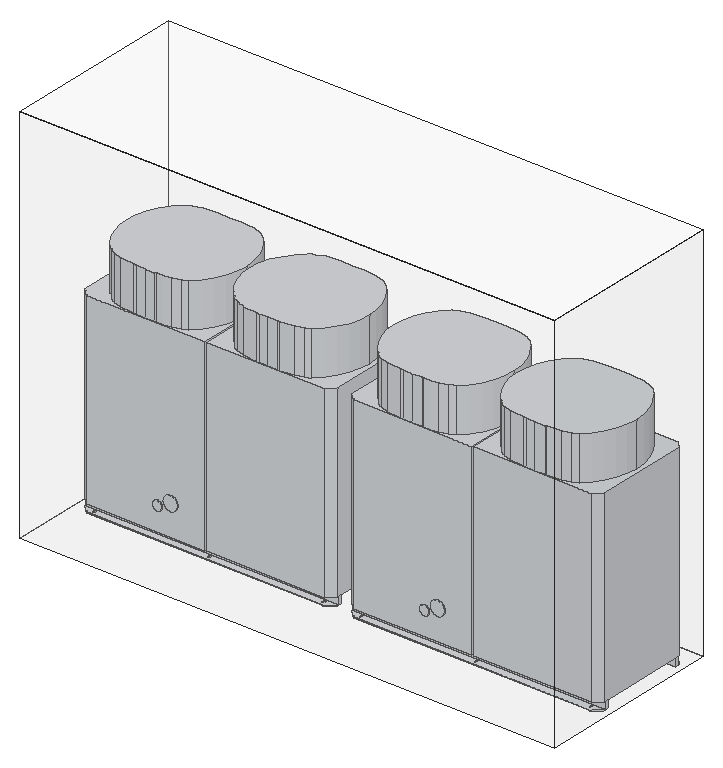
Revit family "pury-p224_1000(s)dmg9_50Hz", category 機械設備, Revit 2019 (continued)
Definition of nested family "筐体モジュール.（R2標準）"
  Lines and regions (mm)
    symbolic lines, visible <- "ユニット4X"
      curve 301: arc (-694.112, 316.106, 0) -> (-802.132, 174.18, 0) -> (-840.507, 0, 0) r 414.476
      curve 302: arc (-840.507, 0, 0) -> (-802.132, -174.18, 0) -> (-694.112, -316.106, 0) r 414.476
      curve 303: arc (-694.112, -316.106, 0) -> (-676.871, -327.278, 0) -> (-658.4, -336.274, 0) r 168.924
      curve 304: arc (-658.4, -336.274, 0) -> (-630.711, -346.28, 0) -> (-602.194, -353.601, 0) r 308.609
      curve 305: arc (-602.194, -353.601, 0) -> (-554.089, -361, 0) -> (-505.475, -363.367, 0) r 468.429
      curve 306: arc (-505.475, -363.367, 0) -> (-497.937, -363.425, 0) -> (-490.403, -363.142, 0) r 167.153
      curve 307: line (-490.403, -363.142, 0) -> (-426.031, -363.142, 0)
      curve 308: line (-426.031, -363.142, 0) -> (-361.659, -363.142, 0)
      curve 309: arc (-361.659, -363.142, 0) -> (-354.125, -363.425, 0) -> (-346.586, -363.367, 0) r 167.153
      curve 310: arc (-346.586, -363.367, 0) -> (-296.703, -360.87, 0) -> (-247.368, -353.076, 0) r 468.429
      curve 311: arc (-247.368, -353.076, 0) -> (-220.13, -345.901, 0) -> (-193.659, -336.274, 0) r 308.61
      curve 312: arc (-193.659, -336.274, 0) -> (-174.719, -327.333, 0) -> (-157.039, -316.106, 0) r 167.985
      curve 313: arc (-157.039, -316.106, 0) -> (-49.249, -174.112, 0) -> (-10.965, 0, 0) r 415.066
      curve 314: arc (-10.965, 0, 0) -> (-49.249, 174.112, 0) -> (-157.039, 316.106, 0) r 415.066
      curve 315: arc (-157.039, 316.106, 0) -> (-174.719, 327.333, 0) -> (-193.659, 336.274, 0) r 167.985
      curve 316: arc (-193.659, 336.274, 0) -> (-220.13, 345.901, 0) -> (-247.368, 353.076, 0) r 308.61
      curve 317: arc (-247.368, 353.076, 0) -> (-296.703, 360.87, 0) -> (-346.586, 363.367, 0) r 468.429
      curve 318: line (-346.586, 363.367, 0) -> (-426.031, 363.367, 0)
      curve 319: line (-426.031, 363.367, 0) -> (-505.475, 363.367, 0)
      curve 320: arc (-505.475, 363.367, 0) -> (-554.089, 361, 0) -> (-602.194, 353.601, 0) r 468.429
      curve 321: arc (-602.194, 353.601, 0) -> (-630.711, 346.28, 0) -> (-658.4, 336.274, 0) r 308.609
      curve 322: arc (-658.4, 336.274, 0) -> (-677.005, 327.516, 0) -> (-694.112, 316.106, 0) r 138.853
      curve 323: arc (157.949, 316.106, 0) -> (49.93, 174.18, 0) -> (11.555, 0, 0) r 414.476
      curve 324: arc (11.555, 0, 0) -> (49.93, -174.18, 0) -> (157.949, -316.106, 0) r 414.476
      curve 325: arc (157.949, -316.106, 0) -> (175.191, -327.278, 0) -> (193.661, -336.274, 0) r 168.924
      curve 326: arc (193.661, -336.274, 0) -> (221.351, -346.28, 0) -> (249.868, -353.601, 0) r 308.609
      curve 327: arc (249.868, -353.601, 0) -> (297.973, -361, 0) -> (346.586, -363.367, 0) r 468.429
      curve 328: arc (346.586, -363.367, 0) -> (354.125, -363.425, 0) -> (361.659, -363.142, 0) r 167.153
      curve 329: line (361.659, -363.142, 0) -> (426.031, -363.142, 0)
      curve 330: line (426.031, -363.142, 0) -> (490.403, -363.142, 0)
      curve 331: arc (490.403, -363.142, 0) -> (497.937, -363.425, 0) -> (505.475, -363.367, 0) r 167.153
      curve 332: arc (505.475, -363.367, 0) -> (554.089, -361, 0) -> (602.194, -353.601, 0) r 468.429
      curve 333: arc (602.194, -353.601, 0) -> (630.711, -346.28, 0) -> (658.4, -336.274, 0) r 308.609
      curve 334: arc (658.4, -336.274, 0) -> (676.871, -327.278, 0) -> (694.112, -316.106, 0) r 168.924
      curve 335: arc (694.112, -316.106, 0) -> (802.132, -174.18, 0) -> (840.507, 0, 0) r 414.476
      curve 336: arc (840.507, 0, 0) -> (802.132, 174.18, 0) -> (694.112, 316.106, 0) r 414.476
      curve 337: arc (694.112, 316.106, 0) -> (677.005, 327.516, 0) -> (658.4, 336.274, 0) r 138.853
      curve 338: arc (658.4, 336.274, 0) -> (630.711, 346.28, 0) -> (602.194, 353.601, 0) r 308.609
      curve 339: arc (602.194, 353.601, 0) -> (554.089, 361, 0) -> (505.475, 363.367, 0) r 468.429
      curve 340: line (505.475, 363.367, 0) -> (426.031, 363.367, 0)
      curve 341: line (426.031, 363.367, 0) -> (346.586, 363.367, 0)
      curve 342: arc (346.586, 363.367, 0) -> (297.973, 361, 0) -> (249.868, 353.601, 0) r 468.429
      curve 343: arc (249.868, 353.601, 0) -> (221.351, 346.28, 0) -> (193.661, 336.274, 0) r 308.609
      curve 344: arc (193.661, 336.274, 0) -> (175.191, 327.278, 0) -> (157.949, 316.106, 0) r 168.924
      curve 345: line (-875, 320.831, 0) -> (-875, -320.583, 0)
      curve 346: line (-825.831, 370, 0) -> (-875, 320.831, 0)
      curve 347: line (-875, -320.583, 0) -> (-825.583, -370, 0)
      curve 348: line (-825.583, -370, 0) -> (825.583, -370, 0)
      curve 349: line (825.583, -370, 0) -> (875, -320.583, 0)
      curve 350: line (875, -320.583, 0) -> (875, 320.831, 0)
      curve 351: line (875, 320.831, 0) -> (825.831, 370, 0)
      curve 352: line (825.831, 370, 0) -> (-825.831, 370, 0)
      curve 353: line (4.756, 370, 0) -> (4.756, -370, 0)
      curve 354: line (-4.756, -370, 0) -> (-4.756, 370, 0)
  Dimensions and locks
    "Depth": plane 4 to plane 5
    equal spacing: plane 4, plane 1 "中心(正面/背面)", plane 5
    "W": plane 6 to plane 21
    locked: plane 11 "本体下部" to plane 2 at 54
    plane 4 to plane 9 to plane 10 to plane 14 to plane 13 to plane 12 = 57 mm locked, 20 mm locked, 586 mm locked, 20 mm locked, 57 mm locked
    locked: plane 12 to plane 15 at 29.5
    locked: plane 4 to plane 17 at 29.5
    "冷媒液_Z": plane 18 "電源高さ" to level
    plane 8 to plane 7 = 303 mm
    plane 7 to plane 2 = 1347 mm
    "Height": plane 8 to plane 2
    "冷媒管径_Z": level to plane 19 "冷媒管高さ"
    locked: plane 6 to plane 16 at 80
    locked: plane 11 "本体下部" to plane 20 "冷媒操作弁ガス芯4" at 1
    equal spacing: plane 6, plane 3 "中心(左/右)", plane 21
    equal spacing: plane 22, plane 3 "中心(左/右)", plane 23
    "Width": plane 22 to plane 23
    "冷媒ガス_Y": plane 4 to plane 27
    "冷媒管径_Y": plane 4 to plane 28
    "冷媒液_Y": plane 4 to plane 29
    "冷媒ガス_Z": plane 30 to level
    "冷媒液_X": plane 22 to plane 24
    "冷媒管径_X": plane 22 to plane 25
    "冷媒ガス_X": plane 24 to plane 26
    locked: plane 31 to plane 21 at 80
    "冷媒ガス管径": diameter of Extrusion 8 sketch curve
    "冷媒液管径": diameter of Extrusion 7 sketch curve
    "冷媒管径": diameter of Extrusion 6 sketch curve
    "冷媒管径": diameter of Extrusion 5 sketch curve
    aligned and locked: Extrusion 1 to plane 6
    aligned and locked: curve 3 to plane 6
    aligned and locked: plane 10 to Extrusion 2 sketch curve
    aligned and locked: plane 6 to Extrusion 2 sketch curve
    aligned and locked: Extrusion 2 sketch curve to plane 9
    aligned and locked: Extrusion 1 to plane 11 "本体下部"
    aligned and locked: plane 11 "本体下部" to Extrusion 1  (x2)
    aligned and locked: plane 7 to Extrusion 1
    aligned and locked: plane 4 to Extrusion 4
    aligned and locked: plane 9 to Extrusion 2
    aligned and locked: plane 11 "本体下部" to Extrusion 6
    aligned and locked: Extrusion 7 to plane 20 "冷媒操作弁ガス芯4"
    aligned and locked: plane 11 "本体下部" to Extrusion 7
    aligned and locked: plane 11 "本体下部" to Extrusion 8
    aligned and locked: Extrusion 7 to Extrusion 8
    aligned and locked: Extrusion 7 to Extrusion 6
    aligned and locked: Extrusion 1 sketch curve to plane 21
    aligned and locked: Extrusion 1 sketch curve to plane 12
    aligned and locked: Extrusion 1 sketch curve to plane 4
    aligned and locked: Extrusion 1 sketch curve to Extrusion 4
    aligned and locked: curve 203 to plane 21
    aligned and locked: plane 25 to Extrusion 6 sketch curve
    aligned and locked: plane 28 to Extrusion 6 sketch curve
    aligned and locked: plane 26 to Extrusion 8 sketch curve
    aligned and locked: plane 27 to Extrusion 8 sketch curve
    aligned and locked: plane 29 to Extrusion 7 sketch curve
    aligned and locked: plane 24 to Extrusion 7 sketch curve
    aligned and locked: plane 19 "冷媒管高さ" to Extrusion 5 sketch curve
    aligned and locked: plane 25 to Extrusion 5 sketch curve
    aligned and locked: plane 17 to nested 1
    aligned and locked: plane 3 "中心(左/右)" to nested 1
    aligned and locked: plane 15 to nested 1
    aligned and locked: plane 31 to nested 1
    aligned and locked: plane 17 to nested 2
    aligned and locked: plane 3 "中心(左/右)" to nested 2
    aligned and locked: plane 15 to nested 2
    aligned and locked: plane 16 to nested 2
    aligned and locked: curve 301 to Extrusion 11
    aligned and locked: curve 302 to Extrusion 11
    aligned and locked: curve 303 to Extrusion 11
    aligned and locked: curve 304 to Extrusion 11
    aligned and locked: curve 305 to Extrusion 11
    aligned and locked: curve 306 to Extrusion 11
    aligned and locked: curve 307 to Extrusion 11
    aligned and locked: curve 308 to Extrusion 11
    aligned and locked: curve 309 to Extrusion 11
    aligned and locked: curve 310 to Extrusion 11
    aligned and locked: curve 311 to Extrusion 11
    aligned and locked: curve 312 to Extrusion 11
    aligned and locked: curve 313 to Extrusion 11
    aligned and locked: curve 314 to Extrusion 11
    aligned and locked: curve 315 to Extrusion 11
    aligned and locked: curve 316 to Extrusion 11
    aligned and locked: curve 317 to Extrusion 11
    aligned and locked: curve 318 to Extrusion 11
    aligned and locked: curve 319 to Extrusion 11
    aligned and locked: curve 320 to Extrusion 11
    aligned and locked: curve 321 to Extrusion 11
    aligned and locked: curve 322 to Extrusion 11
    aligned and locked: curve 323 to Extrusion 10
    aligned and locked: curve 324 to Extrusion 10
    aligned and locked: curve 325 to Extrusion 10
    aligned and locked: curve 326 to Extrusion 10
    aligned and locked: curve 327 to Extrusion 10
    aligned and locked: curve 328 to Extrusion 10
    aligned and locked: curve 329 to Extrusion 10
    aligned and locked: curve 330 to Extrusion 10
    aligned and locked: curve 331 to Extrusion 10
    aligned and locked: curve 332 to Extrusion 10
    aligned and locked: curve 333 to Extrusion 10
    aligned and locked: curve 334 to Extrusion 10
    aligned and locked: curve 335 to Extrusion 10
    aligned and locked: curve 336 to Extrusion 10
    aligned and locked: curve 337 to Extrusion 10
    aligned and locked: curve 338 to Extrusion 10
    aligned and locked: curve 339 to Extrusion 10
    aligned and locked: curve 340 to Extrusion 10
    aligned and locked: curve 341 to Extrusion 10
    aligned and locked: curve 342 to Extrusion 10
    aligned and locked: curve 343 to Extrusion 10
    aligned and locked: curve 344 to Extrusion 10
    aligned and locked: curve 345 to Extrusion 1
    aligned and locked: curve 346 to Extrusion 1
    aligned and locked: curve 347 to Extrusion 1
    aligned and locked: curve 348 to Extrusion 4
    aligned and locked: curve 349 to Extrusion 1
    aligned and locked: curve 350 to Extrusion 1
    aligned and locked: curve 351 to Extrusion 1
    aligned and locked: curve 352 to Extrusion 9
    aligned and locked: curve 353 to Extrusion 1
    aligned and locked: curve 354 to Extrusion 1
    aligned and locked: Masking region 1 sketch curve to curve 346
    aligned and locked: Masking region 1 sketch curve to curve 345
    aligned and locked: Masking region 1 sketch curve to curve 347
    aligned and locked: Masking region 1 sketch curve to curve 348
    aligned and locked: Masking region 1 sketch curve to curve 349
    aligned and locked: Masking region 1 sketch curve to curve 350
    aligned and locked: Masking region 1 sketch curve to curve 351
    aligned and locked: Masking region 1 sketch curve to curve 352
  Automatic sketch dimensions
    Extrusion 2 sketch curve to plane 21 = 0 mm
    Extrusion 3 sketch curve to plane 6 = 0 mm
    Extrusion 3 sketch curve to plane 13 = 0 mm
    Extrusion 3 sketch curve to plane 21 = 0 mm
    Extrusion 3 sketch curve to plane 14 = 0 mm
    Extrusion 10 sketch curve to Extrusion 10 sketch curve = 0 mm  (x4)
    plane 1 "中心(正面/背面)" to Extrusion 10 sketch curve = 0 mm  (x2)
    Extrusion 10 sketch curve to plane 21 = 266.274 mm
    Extrusion 10 sketch curve to plane 21 = 281.195 mm
    Extrusion 10 sketch curve to plane 1 "中心(正面/背面)" = 51.367 mm  (x2)
    Extrusion 10 sketch curve to Extrusion 10 sketch curve = 68.933 mm
    plane 1 "中心(正面/背面)" to Extrusion 10 sketch curve = 51.367 mm  (x2)
    Extrusion 10 sketch curve to Extrusion 10 sketch curve = 32.763 mm  (x4)
    plane 5 to Extrusion 10 sketch curve = 6.633 mm
    Extrusion 10 sketch curve to Extrusion 10 sketch curve = 103.251 mm
    Extrusion 10 sketch curve to Extrusion 10 sketch curve = 6.599 mm  (x2)
    Extrusion 10 sketch curve to plane 4 = 6.858 mm
    Extrusion 10 sketch curve to Extrusion 10 sketch curve = 10.027 mm
    Extrusion 10 sketch curve to Extrusion 10 sketch curve = 113.762 mm
    Extrusion 10 sketch curve to Extrusion 10 sketch curve = 64.372 mm  (x2)
    Extrusion 10 sketch curve to Extrusion 10 sketch curve = 79.445 mm  (x2)
    Extrusion 10 sketch curve to Extrusion 10 sketch curve = 148.799 mm
    Extrusion 10 sketch curve to Extrusion 10 sketch curve = 80.998 mm
    Extrusion 10 sketch curve to Extrusion 10 sketch curve = 86.775 mm
    Extrusion 10 sketch curve to Extrusion 10 sketch curve = 93.374 mm
    Extrusion 10 sketch curve to Extrusion 10 sketch curve = 155.243 mm
    Extrusion 10 sketch curve to plane 14 = 112.812 mm
    Extrusion 10 sketch curve to plane 1 "中心(正面/背面)" = 105.059 mm
    Extrusion 10 sketch curve to Extrusion 10 sketch curve = 53.692 mm  (x3)
    Extrusion 10 sketch curve to plane 17 = 4.226 mm  (x2)
    Extrusion 10 sketch curve to Extrusion 10 sketch curve = 64.596 mm
    Extrusion 10 sketch curve to plane 15 = 4.226 mm  (x2)
    Extrusion 10 sketch curve to Extrusion 10 sketch curve = 49.674 mm
    plane 13 to Extrusion 10 sketch curve = 3.106 mm
    plane 17 to Extrusion 10 sketch curve = 13.101 mm  (x2)
    Extrusion 10 sketch curve to plane 4 = 6.633 mm
    plane 15 to Extrusion 10 sketch curve = 13.101 mm
    plane 9 to Extrusion 10 sketch curve = 3.106 mm
    Extrusion 11 sketch curve to Extrusion 11 sketch curve = 0 mm  (x3)
    Extrusion 11 sketch curve to plane 1 "中心(正面/背面)" = 0 mm
    plane 1 "中心(正面/背面)" to Extrusion 11 sketch curve = 0 mm
    plane 1 "中心(正面/背面)" to Extrusion 11 sketch curve = 51.367 mm  (x2)
    Extrusion 11 sketch curve to Extrusion 11 sketch curve = 32.763 mm  (x4)
    plane 5 to Extrusion 11 sketch curve = 6.633 mm
    Extrusion 11 sketch curve to Extrusion 11 sketch curve = 6.599 mm  (x2)
    Extrusion 11 sketch curve to plane 4 = 6.858 mm
    Extrusion 11 sketch curve to Extrusion 11 sketch curve = 113.762 mm  (x2)
    Extrusion 11 sketch curve to Extrusion 11 sketch curve = 64.372 mm  (x2)
    Extrusion 11 sketch curve to Extrusion 11 sketch curve = 79.445 mm  (x2)
    Extrusion 11 sketch curve to Extrusion 11 sketch curve = 91.232 mm  (x2)
    Extrusion 11 sketch curve to Extrusion 11 sketch curve = 53.692 mm  (x3)
    Extrusion 11 sketch curve to plane 1 "中心(正面/背面)" = 51.367 mm  (x2)
    Extrusion 11 sketch curve to Extrusion 11 sketch curve = 75.129 mm
    Extrusion 11 sketch curve to Extrusion 11 sketch curve = 101.551 mm
    Extrusion 11 sketch curve to plane 17 = 4.226 mm  (x2)
    Extrusion 11 sketch curve to Extrusion 11 sketch curve = 64.596 mm
    Extrusion 11 sketch curve to plane 15 = 4.226 mm  (x2)
    Extrusion 11 sketch curve to Extrusion 11 sketch curve = 49.674 mm
    plane 13 to Extrusion 11 sketch curve = 3.106 mm
    plane 17 to Extrusion 11 sketch curve = 13.101 mm
    Extrusion 11 sketch curve to plane 4 = 6.633 mm
    plane 9 to Extrusion 11 sketch curve = 3.106 mm
    Extrusion 11 sketch curve to Extrusion 11 sketch curve = 80.998 mm
    Extrusion 11 sketch curve to Extrusion 11 sketch curve = 93.374 mm
    Extrusion 11 sketch curve to Extrusion 11 sketch curve = 101.697 mm
    plane 16 to Extrusion 11 sketch curve = 186.274 mm
    Extrusion 11 sketch curve to Extrusion 11 sketch curve = 152.925 mm
    Extrusion 11 sketch curve to Extrusion 11 sketch curve = 111.791 mm
    Extrusion 11 sketch curve to Extrusion 11 sketch curve = 148.799 mm
    Extrusion 11 sketch curve to Extrusion 11 sketch curve = 89.275 mm
    Extrusion 11 sketch curve to Extrusion 11 sketch curve = 95.874 mm
    plane 15 to Extrusion 11 sketch curve = 12.576 mm
    plane 17 to Extrusion 11 sketch curve = 12.576 mm
    Extrusion 10 sketch curve to Extrusion 10 sketch curve = 75.129 mm  (x2)
    Extrusion 11 sketch curve to Extrusion 11 sketch curve = 16.103 mm  (x2)
    Extrusion 10 sketch curve to Extrusion 10 sketch curve = 91.232 mm  (x2)
    Extrusion 11 sketch curve to plane 10 = 96.709 mm
    Extrusion 9 sketch curve to plane 6 = 0 mm
    plane 5 to Extrusion 9 sketch curve = 0 mm
    Extrusion 9 sketch curve to plane 16 = 0 mm
    Extrusion 9 sketch curve to plane 3 "中心(左/右)" = 0 mm
    Extrusion 9 sketch curve to plane 21 = 0 mm
    Extrusion 9 sketch curve to plane 13 = 0 mm
    plane 16 to Extrusion 9 sketch curve = 30.583 mm
    Extrusion 9 sketch curve to plane 15 = 3 mm  (x3)
    Extrusion 9 sketch curve to Extrusion 9 sketch curve = 7 mm  (x3)
    plane 15 to Extrusion 9 sketch curve = 3 mm  (x3)
    plane 21 to Extrusion 9 sketch curve = 87 mm
    Extrusion 9 sketch curve to Extrusion 9 sketch curve = 23.583 mm
    Extrusion 9 sketch curve to plane 13 = 7.583 mm  (x2)
    Extrusion 1 sketch curve to plane 6 = 0 mm
    plane 5 to Extrusion 1 sketch curve = 0 mm
    plane 4 to Extrusion 1 sketch curve = 0 mm
    Extrusion 1 sketch curve to plane 16 = 30.831 mm
    Extrusion 1 sketch curve to plane 16 = 30.583 mm
    Extrusion 1 sketch curve to plane 3 "中心(左/右)" = 4.756 mm
    plane 3 "中心(左/右)" to Extrusion 1 sketch curve = 4.756 mm
    Extrusion 1 sketch curve to plane 21 = 49.169 mm
    plane 9 to Extrusion 1 sketch curve = 7.583 mm
    plane 13 to Extrusion 1 sketch curve = 7.831 mm  (x2)
    Extrusion 4 sketch curve to plane 6 = 0 mm
    plane 4 to Extrusion 4 sketch curve = 0 mm
    Extrusion 4 sketch curve to plane 16 = 0 mm
    Extrusion 4 sketch curve to plane 3 "中心(左/右)" = 0 mm
    Extrusion 4 sketch curve to plane 21 = 0 mm
    plane 9 to Extrusion 4 sketch curve = 0 mm
    Extrusion 4 sketch curve to plane 16 = 30.583 mm
    plane 17 to Extrusion 4 sketch curve = 3 mm  (x3)
    Extrusion 4 sketch curve to Extrusion 4 sketch curve = 7 mm  (x3)
    Extrusion 4 sketch curve to plane 17 = 3 mm  (x3)
    Extrusion 4 sketch curve to plane 21 = 87 mm
    Extrusion 4 sketch curve to Extrusion 4 sketch curve = 23.583 mm
    plane 9 to Extrusion 4 sketch curve = 7.583 mm  (x2)
    curve 307 to curve 307 = 64.372 mm
    curve 319 to curve 319 = 79.445 mm
    curve 328 to curve 329 = 64.372 mm
    curve 342 to curve 341 = 79.445 mm
  Nested families
    nested 1: "固定点" at (0, -340.5, 0), visible <- "ユニット4X", type "固定点"
      with W 795 mm, D 681 mm
    nested 2: "固定点" at (-795, -340.5, 0), visible <- "ユニット4X", type "固定点"
      with W 795 mm, D 681 mm
  Definition of nested family "固定点"
    Parameters (values of type "固定点")
      中心円 = 20 mm
      W [instance] = 1000 mm
      D [instance] = 1000 mm
    Reference planes
      plane 1 "中心(正面/背面)": y = 0
      plane 2: z = 0
      plane 3 "中心(左/右)": x = 0
      plane 4: x = 1000
      plane 5: y = 1000
    Lines and regions (mm)
      symbolic lines, detail levels fine
        curve 1: circle (0, 1000, 0) r 10 normal (0, 0, 1)
        curve 2: circle (0, 0, 0) r 10 normal (0, 0, 1)
        curve 3: circle (1000, 1000, 0) r 10 normal (0, 0, 1)
        curve 4: circle (1000, 0, 0) r 10 normal (0, 0, 1)
        curve 5: line (-200, 1000, 0) -> (1200, 1000, 0)
        curve 6: line (-200, 0, 0) -> (1200, 0, 0)
        curve 7: line (0, 1200, 0) -> (0, -200, 0)
        curve 8: line (1000, 1200, 0) -> (1000, -200, 0)
    Dimensions and locks
      "W": plane 3 "中心(左/右)" to plane 4
      "D": plane 1 "中心(正面/背面)" to plane 5
      "中心円": diameter of curve 1
      "中心円": diameter of curve 2
      "中心円": diameter of curve 3
      "中心円": diameter of curve 4
      aligned and locked: level to plane 2
      aligned and locked: plane 5 to curve 1
      aligned and locked: plane 3 "中心(左/右)" to curve 1
      aligned and locked: plane 3 "中心(左/右)" to curve 2
      aligned and locked: plane 1 "中心(正面/背面)" to curve 2
      aligned and locked: plane 4 to curve 3
      aligned and locked: plane 5 to curve 3
      aligned and locked: plane 1 "中心(正面/背面)" to curve 4
      aligned and locked: plane 4 to curve 4
      aligned and locked: plane 1 "中心(正面/背面)" to curve 6
      aligned and locked: curve 7 to plane 3 "中心(左/右)"
      aligned and locked: curve 8 to plane 4
    Automatic sketch dimensions
      curve 5 to plane 5 = 0 mm
      curve 6 to plane 3 "中心(左/右)" = 200 mm
      curve 5 to plane 3 "中心(左/右)" = 200 mm
      curve 4 to curve 6 = 200 mm
      curve 3 to curve 5 = 200 mm
      plane 1 "中心(正面/背面)" to curve 8 = 200 mm
      plane 1 "中心(正面/背面)" to curve 7 = 200 mm
      curve 3 to curve 8 = 200 mm
      curve 1 to curve 7 = 200 mm
Definition of nested family "outline"
  Parameters (values of type "outline_S")
    ユニット4X [instance] = and(ユニット2, Width = 1750 mm)  # no
    ユニット2 [instance] = yes
    Width [instance] = 920 mm
    W = 920 mm
    Height [instance] = 1650 mm
    Depth [instance] = 740 mm
  Types (3, lengths in mm): name | ユニット4X | Width | W
    outline_S | no | 920 | 920
    outline_XL | yes | 1750 | 1750
    outline_L | no | 1220 | 1220
  Reference planes
    plane 1 "中心(正面/背面)": y = 0
    plane 2: z = 0
    plane 3 "中心(左/右)": x = 0
    plane 4: y = -370
    plane 5: y = 370
    plane 6: x = -460
    plane 7: z = 1347
    plane 8: z = 1650
    plane 9 "本体下部": z = 54
    plane 10: y = 370
    plane 11 "電源高さ": z = 262
    plane 12 "冷媒管高さ": z = 262
    plane 13 "冷媒操作弁ガス芯4": z = 53
    plane 14: x = 460
    plane 15: x = -875
    plane 16: x = 875
    plane 17: z = 262
  Forms (mm)
    Extrusion 1, solid, visible <- "ユニット2", detail levels coarse+medium
      sketch origin (0, 0, 0) x (1, 0, 0) y (0, 1, 0)
        loop
          line (-460, 370) -> (-460, -370) -> (460, -370) -> (460, 370) -> (-460, 370)
      from 0 to 1650
  Lines and regions (mm)
    model lines, visible <- "ユニット4X", not visible, detail levels fine
      curve 1: line (460, 178.667, 1289.179) -> (460, 297.73, 1289.179)
      curve 2: line (460, 178.667, 1056.056) -> (460, 178.667, 1289.179)
      curve 3: line (460, 297.73, 1056.056) -> (460, 178.667, 1056.056)
      curve 4: line (460, 297.73, 1289.179) -> (460, 297.73, 1056.056)
      curve 5: line (460, 47.598, 1289.179) -> (460, 166.661, 1289.179)
      curve 6: line (460, 47.598, 1056.056) -> (460, 47.598, 1289.179)
      curve 7: line (460, 166.661, 1056.056) -> (460, 47.598, 1056.056)
      curve 8: line (460, 166.661, 1289.179) -> (460, 166.661, 1056.056)
      curve 9: line (460, -83.471, 1289.179) -> (460, 35.592, 1289.179)
      curve 10: line (460, -83.471, 1056.056) -> (460, -83.471, 1289.179)
      curve 11: line (460, 35.592, 1056.056) -> (460, -83.471, 1056.056)
      curve 12: line (460, 35.592, 1289.179) -> (460, 35.592, 1056.056)
      curve 13: line (460, -150.779, 1289.179) -> (460, -95.75, 1289.179)
      curve 14: line (460, -150.779, 1056.056) -> (460, -150.779, 1289.179)
      curve 15: line (460, -95.75, 1056.056) -> (460, -150.779, 1056.056)
      curve 16: line (460, -95.75, 1289.179) -> (460, -95.75, 1056.056)
      curve 17: line (460, -150.779, 1283.175) -> (460, -132.596, 1283.175)
      curve 18: line (460, -150.779, 1062.059) -> (460, -150.779, 1283.175)
      curve 19: line (460, -132.596, 1062.059) -> (460, -150.779, 1062.059)
      curve 20: line (460, -132.596, 1283.175) -> (460, -132.596, 1062.059)
      curve 21: line (460, 178.667, 1046.051) -> (460, 297.73, 1046.051)
      curve 22: line (460, 178.667, 812.928) -> (460, 178.667, 1046.051)
      curve 23: line (460, 297.73, 812.928) -> (460, 178.667, 812.928)
      curve 24: line (460, 297.73, 1046.051) -> (460, 297.73, 812.928)
      curve 25: line (460, 47.598, 1046.051) -> (460, 166.661, 1046.051)
      curve 26: line (460, 47.598, 812.928) -> (460, 47.598, 1046.051)
      curve 27: line (460, 166.661, 812.928) -> (460, 47.598, 812.928)
      curve 28: line (460, 166.661, 1046.051) -> (460, 166.661, 812.928)
      curve 29: line (460, -83.471, 1046.051) -> (460, 35.592, 1046.051)
      curve 30: line (460, -83.471, 812.928) -> (460, -83.471, 1046.051)
      curve 31: line (460, 35.592, 812.928) -> (460, -83.471, 812.928)
      curve 32: line (460, 35.592, 1046.051) -> (460, 35.592, 812.928)
      curve 33: line (460, -150.779, 1046.051) -> (460, -95.75, 1046.051)
      curve 34: line (460, -150.779, 812.928) -> (460, -150.779, 1046.051)
      curve 35: line (460, -95.75, 812.928) -> (460, -150.779, 812.928)
      curve 36: line (460, -95.75, 1046.051) -> (460, -95.75, 812.928)
      curve 37: line (460, -150.779, 1040.048) -> (460, -132.596, 1040.048)
      curve 38: line (460, -150.779, 818.931) -> (460, -150.779, 1040.048)
      curve 39: line (460, -132.596, 818.931) -> (460, -150.779, 818.931)
      curve 40: line (460, -132.596, 1040.048) -> (460, -132.596, 818.931)
      curve 41: line (460, 178.667, 802.923) -> (460, 297.73, 802.923)
      curve 42: line (460, 178.667, 569.8) -> (460, 178.667, 802.923)
      curve 43: line (460, 297.73, 569.8) -> (460, 178.667, 569.8)
      curve 44: line (460, 297.73, 802.923) -> (460, 297.73, 569.8)
      curve 45: line (460, 47.598, 802.923) -> (460, 166.661, 802.923)
      curve 46: line (460, 47.598, 569.8) -> (460, 47.598, 802.923)
      curve 47: line (460, 166.661, 569.8) -> (460, 47.598, 569.8)
      curve 48: line (460, 166.661, 802.923) -> (460, 166.661, 569.8)
      curve 49: line (460, -83.471, 802.923) -> (460, 35.592, 802.923)
      curve 50: line (460, -83.471, 569.8) -> (460, -83.471, 802.923)
      curve 51: line (460, 35.592, 569.8) -> (460, -83.471, 569.8)
      curve 52: line (460, 35.592, 802.923) -> (460, 35.592, 569.8)
      curve 53: line (460, -150.779, 802.923) -> (460, -95.75, 802.923)
      curve 54: line (460, -150.779, 569.8) -> (460, -150.779, 802.923)
      curve 55: line (460, -95.75, 569.8) -> (460, -150.779, 569.8)
      curve 56: line (460, -95.75, 802.923) -> (460, -95.75, 569.8)
      curve 57: line (460, -150.779, 796.92) -> (460, -132.596, 796.92)
      curve 58: line (460, -150.779, 575.803) -> (460, -150.779, 796.92)
      curve 59: line (460, -132.596, 575.803) -> (460, -150.779, 575.803)
      curve 60: line (460, -132.596, 796.92) -> (460, -132.596, 575.803)
      curve 61: line (460, 178.667, 559.795) -> (460, 297.73, 559.795)
      curve 62: line (460, 178.667, 326.672) -> (460, 178.667, 559.795)
      curve 63: line (460, 297.73, 326.672) -> (460, 178.667, 326.672)
      curve 64: line (460, 297.73, 559.795) -> (460, 297.73, 326.672)
      curve 65: line (460, 47.598, 559.795) -> (460, 166.661, 559.795)
      curve 66: line (460, 47.598, 326.672) -> (460, 47.598, 559.795)
      curve 67: line (460, 166.661, 326.672) -> (460, 47.598, 326.672)
      curve 68: line (460, 166.661, 559.795) -> (460, 166.661, 326.672)
      curve 69: line (460, -83.471, 559.795) -> (460, 35.592, 559.795)
      curve 70: line (460, -83.471, 326.672) -> (460, -83.471, 559.795)
      curve 71: line (460, 35.592, 326.672) -> (460, -83.471, 326.672)
      curve 72: line (460, 35.592, 559.795) -> (460, 35.592, 326.672)
      curve 73: line (460, -150.779, 559.795) -> (460, -95.75, 559.795)
      curve 74: line (460, -150.779, 326.672) -> (460, -150.779, 559.795)
      curve 75: line (460, -95.75, 326.672) -> (460, -150.779, 326.672)
      curve 76: line (460, -95.75, 559.795) -> (460, -95.75, 326.672)
      curve 77: line (460, -150.779, 553.792) -> (460, -132.596, 553.792)
      curve 78: line (460, -150.779, 332.675) -> (460, -150.779, 553.792)
      curve 79: line (460, -132.596, 332.675) -> (460, -150.779, 332.675)
      curve 80: line (460, -132.596, 553.792) -> (460, -132.596, 332.675)
      curve 81: line (460, 178.667, 316.667) -> (460, 297.73, 316.667)
      curve 82: line (460, 178.667, 83.544) -> (460, 178.667, 316.667)
      curve 83: line (460, 297.73, 83.544) -> (460, 178.667, 83.544)
      curve 84: line (460, 297.73, 316.667) -> (460, 297.73, 83.544)
      curve 85: line (460, 47.598, 316.667) -> (460, 166.661, 316.667)
      curve 86: line (460, 47.598, 83.544) -> (460, 47.598, 316.667)
      curve 87: line (460, 166.661, 83.544) -> (460, 47.598, 83.544)
      curve 88: line (460, 166.661, 316.667) -> (460, 166.661, 83.544)
      curve 89: line (460, -83.471, 316.667) -> (460, 35.592, 316.667)
      curve 90: line (460, -83.471, 83.544) -> (460, -83.471, 316.667)
      curve 91: line (460, 35.592, 83.544) -> (460, -83.471, 83.544)
      curve 92: line (460, 35.592, 316.667) -> (460, 35.592, 83.544)
      curve 93: line (460, -150.779, 316.667) -> (460, -95.75, 316.667)
      curve 94: line (460, -150.779, 83.544) -> (460, -150.779, 316.667)
      curve 95: line (460, -95.75, 83.544) -> (460, -150.779, 83.544)
      curve 96: line (460, -95.75, 316.667) -> (460, -95.75, 83.544)
      curve 97: line (460, -150.779, 310.664) -> (460, -132.596, 310.664)
      curve 98: line (460, -150.779, 89.547) -> (460, -150.779, 310.664)
      curve 99: line (460, -132.596, 89.547) -> (460, -150.779, 89.547)
      curve 100: line (460, -132.596, 310.664) -> (460, -132.596, 89.547)
  Dimensions and locks
    "Depth": plane 4 to plane 5
    equal spacing: plane 4, plane 1 "中心(正面/背面)", plane 5
    "W": plane 6 to plane 14
    locked: plane 9 "本体下部" to plane 2 at 54
    plane 4 to plane 10 = 740 mm
    plane 11 "電源高さ" to level = 262 mm
    plane 8 to plane 7 = 303 mm
    plane 7 to plane 2 = 1347 mm
    "Height": plane 8 to plane 2
    level to plane 12 "冷媒管高さ" = 262 mm
    locked: plane 9 "本体下部" to plane 13 "冷媒操作弁ガス芯4" at 1
    equal spacing: plane 6, plane 3 "中心(左/右)", plane 14
    plane 17 to level = 262 mm
  Automatic sketch dimensions
    plane 4 to Extrusion 1 sketch curve = 0 mm
    Extrusion 1 sketch curve to plane 6 = 0 mm
    Extrusion 1 sketch curve to plane 14 = 0 mm
    plane 5 to Extrusion 1 sketch curve = 0 mm
Types (30, lengths in mm): name | 風量（m3／min） | 風量 | 音響パワーレベル(dB) | 電源位置2X（ユニット3） | 電源位置2X（ユニット2） | 電源位置2X（ユニット1） | 電源位置1X（ユニット3） | 電源位置1X（ユニット2） | 電源位置1X（ユニット1） | 電動機出力_送風機 | 電動機出力_圧縮機 | 質量 | 製品質量 | 消費電力_暖房 | 消費電力_冷房 | 消費電力 | 最小電線太さ_mm2 | 最大電流値 | 暖房能力 | 推奨ブレーカー容量 | 冷房能力 | 冷媒管（液）位置1 (ユニット3） | 冷媒管（ガス）位置2 (ユニット3) | 冷媒管（ガス）位置2 (ユニット2) | 冷媒管（液）位置1 (ユニット1) | 冷媒管（ガス）位置2 (ユニット1) | 冷媒管（液）位置1 (ユニット2） | 冷媒管径符号 | 冷媒管位置2 (ユニット3) | 冷媒管位置2 (ユニット2) | 冷媒管位置1 (ユニット2) | 冷媒管位置2 (ユニット1) | 冷媒管位置1 (ユニット3) | 冷媒管位置1 (ユニット1) | 冷媒液管径3 | 冷媒液管径2 | 冷媒液管径 | 冷媒ガス管径3 | 冷媒ガス管径2 | 冷媒ガス管径 | ユニット隙間 | ユニット数 | ユニットタイプ3 | ユニットタイプ2 | ユニットタイプ1 | ユニット2 | モデル | サービススペース_タイプA | アンカーボルト位置X（ユニット3） | アンカーボルト位置X（ユニット2） | アンカーボルト位置X（ユニット1） | Width3 | Width2 | Width1 | Width | URL | OUTLINE2 | OUTLINE1 | MAX風量 | Clearance Right | Clearance Left | Clearance Back
  PURY-P224DMG9_タイプA | 185 | 11100.0 m³/h | 81.5 | 177 | 177 | 177 | 201 | 201 | 201 | 0.92 kW | 4.71 kW | 242.40 kg | 202.00 kg | 6.51 kW | 6.49 kW | 6.51 kW | 8 | 28.4 A | 25 kW | 40 A | 22.4 kW | 251 | 146 | 146 | 251 | 146 | 251 | "De" | 146 | 146 | 292.5 | 146 | 292.5 | 292.5 | 15.88 | 15.88 | 15.88 | 19.05 | 19.05 | 19.05 | 30 | 1 | 筐体モジュール（R2標準） : 224筐体 | 筐体モジュール（R2標準） : 224筐体 | 筐体モジュール（R2標準） : 224筐体 | no | "PURY-P224DMG9" | yes | 760 | 760 | 760 | 920 | 920 | 920 | 920 | "https://www.mitsubishielectric.co.jp/ldg/wink/ssl/displayProduct.do?pid=332014" | outline : outline_S | outline : outline_S | 11100.0 m³/h | 15 | 15 | 300
  PURY-P280DMG9_タイプA | 185 | 11100.0 m³/h | 81.5 | 177 | 177 | 177 | 201 | 201 | 201 | 0.92 kW | 7.29 kW | 242.40 kg | 202.00 kg | 9.26 kW | 9.65 kW | 9.65 kW | 14 | 42.3 A | 31.5 kW | 50 A | 28 kW | 251 | 146 | 146 | 251 | 146 | 251 | "Ef" | 146 | 146 | 292.5 | 146 | 292.5 | 292.5 | 19.05 | 19.05 | 19.05 | 22.20 | 22.20 | 22.20 | 30 | 1 | 筐体モジュール（R2標準） : 280筐体 | 筐体モジュール（R2標準） : 280筐体 | 筐体モジュール（R2標準） : 280筐体 | no | "PURY-P280DMG9" | yes | 760 | 760 | 760 | 920 | 920 | 920 | 920 | "https://www.mitsubishielectric.co.jp/ldg/wink/ssl/displayProduct.do?pid=332019" | outline : outline_S | outline : outline_S | 11100.0 m³/h | 15 | 15 | 300
  PURY-P335DMG9_タイプA | 230 | 13800.0 m³/h | 85 | 227 | 227 | 227 | 251 | 251 | 251 | 0.92 kW | 8.86 kW | 300.00 kg | 250.00 kg | 10.5 kW | 11.3 kW | 11.3 kW | 22 | 49.7 A | 37.5 kW | 60 A | 33.5 kW | 301 | 146 | 146 | 301 | 146 | 301 | "Ef" | 146 | 146 | 342.5 | 146 | 342.5 | 342.5 | 19.05 | 19.05 | 19.05 | 22.20 | 22.20 | 22.20 | 30 | 1 | 筐体モジュール（R2標準） : 335筐体 | 筐体モジュール（R2標準） : 335筐体 | 筐体モジュール（R2標準） : 335筐体 | no | "PURY-P335DMG9" | yes | 1060 | 1060 | 1060 | 1220 | 1220 | 1220 | 1220 | "https://www.mitsubishielectric.co.jp/ldg/wink/ssl/displayProduct.do?pid=332022" | outline : outline_L | outline : outline_L | 13800.0 m³/h | 15 | 15 | 300
  PURY-P400DMG9_タイプA | 230 | 13800.0 m³/h | 85.5 | 227 | 227 | 227 | 251 | 251 | 251 | 0.92 kW | 11.5 kW | 300.00 kg | 250.00 kg | 12.8 kW | 14.4 kW | 14.4 kW | 22 | 59.5 A | 45 kW | 60 A | 40 kW | 301 | 146 | 146 | 301 | 146 | 301 | "Eg" | 146 | 146 | 342.5 | 146 | 342.5 | 342.5 | 19.05 | 19.05 | 19.05 | 25.40 | 25.40 | 25.40 | 30 | 1 | 筐体モジュール（R2標準） : 400筐体 | 筐体モジュール（R2標準） : 400筐体 | 筐体モジュール（R2標準） : 400筐体 | no | "PURY-P400DMG9" | yes | 1060 | 1060 | 1060 | 1220 | 1220 | 1220 | 1220 | "https://www.mitsubishielectric.co.jp/ldg/wink/ssl/displayProduct.do?pid=332025" | outline : outline_L | outline : outline_L | 13800.0 m³/h | 15 | 15 | 300
  PURY-P450DMG9_タイプA | 320 | 19200.0 m³/h | 85.5 | 516 | 516 | 516 | 541 | 541 | 541 | 1.84 kW | 11.8 kW | 386.40 kg | 322.00 kg | 14.1 kW | 15.8 kW | 15.8 kW | 38 | 69.3 A | 50 kW | 75 A | 45 kW | 590 | 145 | 145 | 590 | 145 | 590 | "Fh" | 145.5 | 145.5 | 631.5 | 145.5 | 631.5 | 631.5 | 22.20 | 22.20 | 22.20 | 28.58 | 28.58 | 28.58 | 30 | 1 | 筐体モジュール.（R2標準） : 450筐体 | 筐体モジュール.（R2標準） : 450筐体 | 筐体モジュール.（R2標準） : 450筐体 | no | "PURY-P450DMG9" | yes | 795 | 795 | 795 | 1750 | 1750 | 1750 | 1750 | "https://www.mitsubishielectric.co.jp/ldg/wink/ssl/displayProduct.do?pid=332028" | outline : outline_XL | outline : outline_XL | 19200.0 m³/h | 15 | 15 | 300
  PURY-P500DMG9_タイプA | 320 | 19200.0 m³/h | 85.5 | 516 | 516 | 516 | 541 | 541 | 541 | 1.84 kW | 15.1 kW | 392.40 kg | 327.00 kg | 17.5 kW | 19.6 kW | 19.6 kW | 38 | 73.7 A | 56 kW | 75 A | 50 kW | 590 | 145 | 145 | 590 | 145 | 590 | "Fh" | 145.5 | 145.5 | 631.5 | 145.5 | 631.5 | 631.5 | 22.20 | 22.20 | 22.20 | 28.58 | 28.58 | 28.58 | 30 | 1 | 筐体モジュール.（R2標準） : 500筐体 | 筐体モジュール.（R2標準） : 500筐体 | 筐体モジュール.（R2標準） : 500筐体 | no | "PURY-P500DMG9" | yes | 795 | 795 | 795 | 1750 | 1750 | 1750 | 1750 | "https://www.mitsubishielectric.co.jp/ldg/wink/ssl/displayProduct.do?pid=332031" | outline : outline_XL | outline : outline_XL | 19200.0 m³/h | 15 | 15 | 300
  PURY-P560SDMG9_タイプA | 370 | 22200.0 m³/h | 84.5 | 177 | 177 | 177 | 201 | 201 | 201 | 1.84 kW | 14.58 kW | 499.20 kg | 416.00 kg | 18.5 kW | 19.9 kW | 19.9 kW | 38 | 81.8 A | 63 kW | 100 A | 56 kW | 251 | 146 | 146 | 251 | 83 | 251 | "Fh" | 146 | 146 | 292.5 | 146 | 292.5 | 292.5 | 19.05 | 19.05 | 19.05 | 22.20 | 22.20 | 22.20 | 30 | 2 | 筐体モジュール.（R2標準） : 500筐体 | 筐体モジュール（R2標準） : 280筐体 | 筐体モジュール（R2標準） : 280筐体 | yes | "PURY-P560SDMG9" | yes | 760 | 760 | 760 | 920 | 920 | 920 | 1870 | "https://www.mitsubishielectric.co.jp/ldg/wink/ssl/displayProduct.do?pid=332034" | outline : outline_S | outline : outline_S | 22200.0 m³/h | 15 | 15 | 300
  PURY-P630SDMG9_タイプA | 415 | 24900.0 m³/h | 86.5 | 227 | 177 | 227 | 251 | 201 | 251 | 1.84 kW | 16.15 kW | 549.60 kg | 458.00 kg | 19.8 kW | 22.2 kW | 22.2 kW | 38 | 83.8 A | 69 kW | 100 A | 63 kW | 301 | 146 | 146 | 301 | 83 | 251 | "Gh" | 146 | 146 | 292.5 | 146 | 342.5 | 342.5 | 19.05 | 19.05 | 19.05 | 22.20 | 22.20 | 22.20 | 30 | 2 | 筐体モジュール.（R2標準） : 500筐体 | 筐体モジュール（R2標準） : 280筐体 | 筐体モジュール（R2標準） : 335筐体 | yes | "PURY-P630SDMG9" | yes | 1060 | 1060 | 760 | 1220 | 920 | 1220 | 2170 | "https://www.mitsubishielectric.co.jp/ldg/wink/ssl/displayProduct.do?pid=332037" | outline : outline_S | outline : outline_L | 24900.0 m³/h | 15 | 15 | 300
  PURY-P670SDMG9_タイプA | 460 | 27600.0 m³/h | 88 | 227 | 227 | 227 | 251 | 251 | 251 | 1.84 kW | 17.72 kW | 600.00 kg | 500.00 kg | 21.6 kW | 23.4 kW | 23.4 kW | 60 | 95.3 A | 77.5 kW | 100 A | 67 kW | 301 | 146 | 146 | 301 | 83 | 301 | "Gh" | 146 | 146 | 342.5 | 146 | 342.5 | 342.5 | 19.05 | 19.05 | 19.05 | 22.20 | 22.20 | 22.20 | 30 | 2 | 筐体モジュール.（R2標準） : 500筐体 | 筐体モジュール（R2標準） : 335筐体 | 筐体モジュール（R2標準） : 335筐体 | yes | "PURY-P670SDMG9" | yes | 1060 | 1060 | 1060 | 1220 | 1220 | 1220 | 2470 | "https://www.mitsubishielectric.co.jp/ldg/wink/ssl/displayProduct.do?pid=332017" | outline : outline_L | outline : outline_L | 27600.0 m³/h | 15 | 15 | 300
  PURY-P730SDMG9_タイプA | 460 | 27600.0 m³/h | 88.5 | 227 | 227 | 227 | 251 | 251 | 251 | 1.84 kW | 20.36 kW | 600.00 kg | 500.00 kg | 23.3 kW | 26.3 kW | 26.3 kW | 60 | 99.5 A | 82.5 kW | 100 A | 73 kW | 301 | 146 | 146 | 301 | 83 | 301 | "Gh" | 146 | 146 | 342.5 | 146 | 342.5 | 342.5 | 19.05 | 19.05 | 19.05 | 25.40 | 22.20 | 25.40 | 30 | 2 | 筐体モジュール.（R2標準） : 500筐体 | 筐体モジュール（R2標準） : 335筐体 | 筐体モジュール（R2標準） : 400筐体 | yes | "PURY-P730SDMG9" | yes | 1060 | 1060 | 1060 | 1220 | 1220 | 1220 | 2470 | "https://www.mitsubishielectric.co.jp/ldg/wink/ssl/displayProduct.do?pid=332039" | outline : outline_L | outline : outline_L | 27600.0 m³/h | 15 | 15 | 300
  PURY-P775SDMG9_タイプA | 460 | 27600.0 m³/h | 88.5 | 227 | 227 | 227 | 251 | 251 | 251 | 1.84 kW | 23 kW | 600.00 kg | 500.00 kg | 25.6 kW | 28.9 kW | 28.9 kW | 60 | 113.9 A | 90 kW | 125 A | 77.5 kW | 301 | 146 | 146 | 301 | 83 | 301 | "Hi" | 146 | 146 | 342.5 | 146 | 342.5 | 342.5 | 19.05 | 19.05 | 19.05 | 25.40 | 25.40 | 25.40 | 30 | 2 | 筐体モジュール.（R2標準） : 500筐体 | 筐体モジュール（R2標準） : 400筐体 | 筐体モジュール（R2標準） : 400筐体 | yes | "PURY-P775SDMG9" | yes | 1060 | 1060 | 1060 | 1220 | 1220 | 1220 | 2470 | "https://www.mitsubishielectric.co.jp/ldg/wink/ssl/displayProduct.do?pid=332042" | outline : outline_L | outline : outline_L | 27600.0 m³/h | 15 | 15 | 300
  PURY-P850SDMG9_タイプA | 550 | 33000.0 m³/h | 88.5 | 516 | 227 | 516 | 541 | 251 | 541 | 2.76 kW | 23.3 kW | 686.40 kg | 572.00 kg | 26.9 kW | 31.2 kW | 31.2 kW | 60 | 113 A | 95 kW | 125 A | 85 kW | 590 | 145 | 145 | 590 | 83 | 301 | "Hi" | 145.5 | 145.5 | 342.5 | 145.5 | 631.5 | 631.5 | 22.20 | 19.05 | 22.20 | 28.58 | 25.40 | 28.58 | 30 | 2 | 筐体モジュール.（R2標準） : 500筐体 | 筐体モジュール（R2標準） : 400筐体 | 筐体モジュール.（R2標準） : 450筐体 | yes | "PURY-P850SDMG9" | yes | 795 | 795 | 1060 | 1750 | 1220 | 1750 | 3000 | "https://www.mitsubishielectric.co.jp/ldg/wink/ssl/displayProduct.do?pid=332045" | outline : outline_L | outline : outline_XL | 33000.0 m³/h | 15 | 15 | 300
  PURY-P900SDMG9_タイプA | 640 | 38400.0 m³/h | 88.5 | 516 | 516 | 516 | 541 | 541 | 541 | 3.68 kW | 23.6 kW | 772.80 kg | 644.00 kg | 28.1 kW | 32.7 kW | 32.7 kW | 100 | 138.9 A | 100 kW | 150 A | 90 kW | 590 | 145 | 145 | 590 | 83 | 590 | "Hi" | 145.5 | 145.5 | 631.5 | 145.5 | 631.5 | 631.5 | 22.20 | 22.20 | 22.20 | 28.58 | 28.58 | 28.58 | 30 | 2 | 筐体モジュール.（R2標準） : 500筐体 | 筐体モジュール.（R2標準） : 450筐体 | 筐体モジュール.（R2標準） : 450筐体 | yes | "PURY-P900SDMG9" | yes | 795 | 795 | 795 | 1750 | 1750 | 1750 | 3530 | "https://www.mitsubishielectric.co.jp/ldg/wink/ssl/displayProduct.do?pid=332048" | outline : outline_XL | outline : outline_XL | 38400.0 m³/h | 15 | 15 | 300
  PURY-P950SDMG9_タイプA | 640 | 38400.0 m³/h | 88.5 | 516 | 516 | 516 | 541 | 541 | 541 | 3.68 kW | 26.9 kW | 778.80 kg | 649.00 kg | 31.4 kW | 36.3 kW | 36.3 kW | 100 | 147.3 A | 106 kW | 150 A | 95 kW | 590 | 145 | 145 | 590 | 83 | 590 | "Hk" | 145.5 | 145.5 | 631.5 | 145.5 | 631.5 | 631.5 | 22.20 | 22.20 | 22.20 | 28.58 | 28.58 | 28.58 | 30 | 2 | 筐体モジュール.（R2標準） : 500筐体 | 筐体モジュール.（R2標準） : 450筐体 | 筐体モジュール.（R2標準） : 500筐体 | yes | "PURY-P950SDMG9" | yes | 795 | 795 | 795 | 1750 | 1750 | 1750 | 3530 | "https://www.mitsubishielectric.co.jp/ldg/wink/ssl/displayProduct.do?pid=332051" | outline : outline_XL | outline : outline_XL | 38400.0 m³/h | 15 | 15 | 300
  PURY-P1000SDMG9_タイプA | 640 | 38400.0 m³/h | 88.5 | 516 | 516 | 516 | 541 | 541 | 541 | 3.68 kW | 30.2 kW | 784.80 kg | 654.00 kg | 34.9 kW | 40.4 kW | 40.4 kW | 100 | 147.4 A | 112 kW | 150 A | 100 kW | 590 | 145 | 145 | 590 | 83 | 590 | "Hk" | 145.5 | 145.5 | 631.5 | 145.5 | 631.5 | 631.5 | 22.20 | 22.20 | 22.20 | 28.58 | 28.58 | 28.58 | 30 | 2 | 筐体モジュール.（R2標準） : 500筐体 | 筐体モジュール.（R2標準） : 500筐体 | 筐体モジュール.（R2標準） : 500筐体 | yes | "PURY-P1000SDMG9" | yes | 795 | 795 | 795 | 1750 | 1750 | 1750 | 3530 | "https://www.mitsubishielectric.co.jp/ldg/wink/ssl/displayProduct.do?pid=332054" | outline : outline_XL | outline : outline_XL | 38400.0 m³/h | 15 | 15 | 300
  PURY-P1000SDMG9_タイプB | 640 | 38400.0 m³/h | 88.5 | 516 | 516 | 516 | 541 | 541 | 541 | 3.68 kW | 30.2 kW | 784.80 kg | 654.00 kg | 34.9 kW | 40.4 kW | 40.4 kW | 100 | 147.4 A | 112 kW | 150 A | 100 kW | 590 | 145 | 145 | 590 | 83 | 590 | "Hk" | 145.5 | 145.5 | 631.5 | 145.5 | 631.5 | 631.5 | 22.20 | 22.20 | 22.20 | 28.58 | 28.58 | 28.58 | 100 | 2 | 筐体モジュール.（R2標準） : 500筐体 | 筐体モジュール.（R2標準） : 500筐体 | 筐体モジュール.（R2標準） : 500筐体 | yes | "PURY-P1000SDMG9" | no | 795 | 795 | 795 | 1750 | 1750 | 1750 | 3600 | "https://www.mitsubishielectric.co.jp/ldg/wink/ssl/displayProduct.do?pid=332054" | outline : outline_XL | outline : outline_XL | 38400.0 m³/h | 50 | 50 | 100
  PURY-P224DMG9_タイプB | 185 | 11100.0 m³/h | 81.5 | 177 | 177 | 177 | 201 | 201 | 201 | 0.92 kW | 4.71 kW | 242.40 kg | 202.00 kg | 6.51 kW | 6.49 kW | 6.51 kW | 8 | 28.4 A | 25 kW | 40 A | 22.4 kW | 251 | 146 | 146 | 251 | 146 | 251 | "De" | 146 | 146 | 292.5 | 146 | 292.5 | 292.5 | 15.88 | 15.88 | 15.88 | 19.05 | 19.05 | 19.05 | 100 | 1 | 筐体モジュール（R2標準） : 224筐体 | 筐体モジュール（R2標準） : 224筐体 | 筐体モジュール（R2標準） : 224筐体 | no | "PURY-P224DMG9" | no | 760 | 760 | 760 | 920 | 920 | 920 | 920 | "https://www.mitsubishielectric.co.jp/ldg/wink/ssl/displayProduct.do?pid=332014" | outline : outline_S | outline : outline_S | 11100.0 m³/h | 50 | 50 | 100
  PURY-P280DMG9_タイプB | 185 | 11100.0 m³/h | 81.5 | 177 | 177 | 177 | 201 | 201 | 201 | 0.92 kW | 7.29 kW | 242.40 kg | 202.00 kg | 9.26 kW | 9.65 kW | 9.65 kW | 14 | 42.3 A | 31.5 kW | 50 A | 28 kW | 251 | 146 | 146 | 251 | 146 | 251 | "Ef" | 146 | 146 | 292.5 | 146 | 292.5 | 292.5 | 19.05 | 19.05 | 19.05 | 22.20 | 22.20 | 22.20 | 100 | 1 | 筐体モジュール（R2標準） : 280筐体 | 筐体モジュール（R2標準） : 280筐体 | 筐体モジュール（R2標準） : 280筐体 | no | "PURY-P280DMG9" | no | 760 | 760 | 760 | 920 | 920 | 920 | 920 | "https://www.mitsubishielectric.co.jp/ldg/wink/ssl/displayProduct.do?pid=332019" | outline : outline_S | outline : outline_S | 11100.0 m³/h | 50 | 50 | 100
  PURY-P335DMG9_タイプB | 230 | 13800.0 m³/h | 85 | 227 | 227 | 227 | 251 | 251 | 251 | 0.92 kW | 8.86 kW | 300.00 kg | 250.00 kg | 10.5 kW | 11.3 kW | 11.3 kW | 22 | 49.7 A | 37.5 kW | 60 A | 33.5 kW | 301 | 146 | 146 | 301 | 146 | 301 | "Ef" | 146 | 146 | 342.5 | 146 | 342.5 | 342.5 | 19.05 | 19.05 | 19.05 | 22.20 | 22.20 | 22.20 | 100 | 1 | 筐体モジュール（R2標準） : 335筐体 | 筐体モジュール（R2標準） : 335筐体 | 筐体モジュール（R2標準） : 335筐体 | no | "PURY-P335DMG9" | no | 1060 | 1060 | 1060 | 1220 | 1220 | 1220 | 1220 | "https://www.mitsubishielectric.co.jp/ldg/wink/ssl/displayProduct.do?pid=332022" | outline : outline_L | outline : outline_L | 13800.0 m³/h | 50 | 50 | 100
  PURY-P400DMG9_タイプB | 230 | 13800.0 m³/h | 85.5 | 227 | 227 | 227 | 251 | 251 | 251 | 0.92 kW | 11.5 kW | 300.00 kg | 250.00 kg | 12.8 kW | 14.4 kW | 14.4 kW | 22 | 59.5 A | 45 kW | 60 A | 40 kW | 301 | 146 | 146 | 301 | 146 | 301 | "Eg" | 146 | 146 | 342.5 | 146 | 342.5 | 342.5 | 19.05 | 19.05 | 19.05 | 25.40 | 25.40 | 25.40 | 100 | 1 | 筐体モジュール（R2標準） : 400筐体 | 筐体モジュール（R2標準） : 400筐体 | 筐体モジュール（R2標準） : 400筐体 | no | "PURY-P400DMG9" | no | 1060 | 1060 | 1060 | 1220 | 1220 | 1220 | 1220 | "https://www.mitsubishielectric.co.jp/ldg/wink/ssl/displayProduct.do?pid=332025" | outline : outline_L | outline : outline_L | 13800.0 m³/h | 50 | 50 | 100
  PURY-P450DMG9_タイプB | 320 | 19200.0 m³/h | 85.5 | 516 | 516 | 516 | 541 | 541 | 541 | 1.84 kW | 11.8 kW | 386.40 kg | 322.00 kg | 14.1 kW | 15.8 kW | 15.8 kW | 38 | 69.3 A | 50 kW | 75 A | 45 kW | 590 | 145 | 145 | 590 | 145 | 590 | "Fh" | 145.5 | 145.5 | 631.5 | 145.5 | 631.5 | 631.5 | 22.20 | 22.20 | 22.20 | 28.58 | 28.58 | 28.58 | 100 | 1 | 筐体モジュール.（R2標準） : 450筐体 | 筐体モジュール.（R2標準） : 450筐体 | 筐体モジュール.（R2標準） : 450筐体 | no | "PURY-P450DMG9" | no | 795 | 795 | 795 | 1750 | 1750 | 1750 | 1750 | "https://www.mitsubishielectric.co.jp/ldg/wink/ssl/displayProduct.do?pid=332028" | outline : outline_XL | outline : outline_XL | 19200.0 m³/h | 50 | 50 | 100
  PURY-P500DMG9_タイプB | 320 | 19200.0 m³/h | 85.5 | 516 | 516 | 516 | 541 | 541 | 541 | 1.84 kW | 15.1 kW | 392.40 kg | 327.00 kg | 17.5 kW | 19.6 kW | 19.6 kW | 38 | 73.7 A | 56 kW | 75 A | 50 kW | 590 | 145 | 145 | 590 | 145 | 590 | "Fh" | 145.5 | 145.5 | 631.5 | 145.5 | 631.5 | 631.5 | 22.20 | 22.20 | 22.20 | 28.58 | 28.58 | 28.58 | 100 | 1 | 筐体モジュール.（R2標準） : 500筐体 | 筐体モジュール.（R2標準） : 500筐体 | 筐体モジュール.（R2標準） : 500筐体 | no | "PURY-P500DMG9" | no | 795 | 795 | 795 | 1750 | 1750 | 1750 | 1750 | "https://www.mitsubishielectric.co.jp/ldg/wink/ssl/displayProduct.do?pid=332031" | outline : outline_XL | outline : outline_XL | 19200.0 m³/h | 50 | 50 | 100
  PURY-P560SDMG9_タイプB | 370 | 22200.0 m³/h | 84.5 | 177 | 177 | 177 | 201 | 201 | 201 | 1.84 kW | 14.58 kW | 499.20 kg | 416.00 kg | 18.5 kW | 19.9 kW | 19.9 kW | 38 | 81.8 A | 63 kW | 100 A | 56 kW | 251 | 146 | 146 | 251 | 83 | 251 | "Fh" | 146 | 146 | 292.5 | 146 | 292.5 | 292.5 | 19.05 | 19.05 | 19.05 | 22.20 | 22.20 | 22.20 | 100 | 2 | 筐体モジュール.（R2標準） : 500筐体 | 筐体モジュール（R2標準） : 280筐体 | 筐体モジュール（R2標準） : 280筐体 | yes | "PURY-P560SDMG9" | no | 760 | 760 | 760 | 920 | 920 | 920 | 1940 | "https://www.mitsubishielectric.co.jp/ldg/wink/ssl/displayProduct.do?pid=332034" | outline : outline_S | outline : outline_S | 22200.0 m³/h | 50 | 50 | 100
  PURY-P630SDMG9_タイプB | 415 | 24900.0 m³/h | 86.5 | 227 | 177 | 227 | 251 | 201 | 251 | 1.84 kW | 16.15 kW | 549.60 kg | 458.00 kg | 19.8 kW | 22.2 kW | 22.2 kW | 38 | 83.8 A | 69 kW | 100 A | 63 kW | 301 | 146 | 146 | 301 | 83 | 251 | "Gh" | 146 | 146 | 292.5 | 146 | 342.5 | 342.5 | 19.05 | 19.05 | 19.05 | 22.20 | 22.20 | 22.20 | 100 | 2 | 筐体モジュール.（R2標準） : 500筐体 | 筐体モジュール（R2標準） : 280筐体 | 筐体モジュール（R2標準） : 335筐体 | yes | "PURY-P630SDMG9" | no | 1060 | 1060 | 760 | 1220 | 920 | 1220 | 2240 | "https://www.mitsubishielectric.co.jp/ldg/wink/ssl/displayProduct.do?pid=332037" | outline : outline_S | outline : outline_L | 24900.0 m³/h | 50 | 50 | 100
  PURY-P670SDMG9_タイプB | 460 | 27600.0 m³/h | 88 | 227 | 227 | 227 | 251 | 251 | 251 | 1.84 kW | 17.72 kW | 600.00 kg | 500.00 kg | 21.6 kW | 23.4 kW | 23.4 kW | 60 | 95.3 A | 77.5 kW | 100 A | 67 kW | 301 | 146 | 146 | 301 | 83 | 301 | "Gh" | 146 | 146 | 342.5 | 146 | 342.5 | 342.5 | 19.05 | 19.05 | 19.05 | 22.20 | 22.20 | 22.20 | 100 | 2 | 筐体モジュール.（R2標準） : 500筐体 | 筐体モジュール（R2標準） : 335筐体 | 筐体モジュール（R2標準） : 335筐体 | yes | "PURY-P670SDMG9" | no | 1060 | 1060 | 1060 | 1220 | 1220 | 1220 | 2540 | "https://www.mitsubishielectric.co.jp/ldg/wink/ssl/displayProduct.do?pid=332017" | outline : outline_L | outline : outline_L | 27600.0 m³/h | 50 | 50 | 100
  PURY-P730SDMG9_タイプB | 460 | 27600.0 m³/h | 88.5 | 227 | 227 | 227 | 251 | 251 | 251 | 1.84 kW | 20.36 kW | 600.00 kg | 500.00 kg | 23.3 kW | 26.3 kW | 26.3 kW | 60 | 99.5 A | 82.5 kW | 100 A | 73 kW | 301 | 146 | 146 | 301 | 83 | 301 | "Gh" | 146 | 146 | 342.5 | 146 | 342.5 | 342.5 | 19.05 | 19.05 | 19.05 | 25.40 | 22.20 | 25.40 | 100 | 2 | 筐体モジュール.（R2標準） : 500筐体 | 筐体モジュール（R2標準） : 335筐体 | 筐体モジュール（R2標準） : 400筐体 | yes | "PURY-P730SDMG9" | no | 1060 | 1060 | 1060 | 1220 | 1220 | 1220 | 2540 | "https://www.mitsubishielectric.co.jp/ldg/wink/ssl/displayProduct.do?pid=332039" | outline : outline_L | outline : outline_L | 27600.0 m³/h | 50 | 50 | 100
  PURY-P775SDMG9_タイプB | 460 | 27600.0 m³/h | 88.5 | 227 | 227 | 227 | 251 | 251 | 251 | 1.84 kW | 23 kW | 600.00 kg | 500.00 kg | 25.6 kW | 28.9 kW | 28.9 kW | 60 | 113.9 A | 90 kW | 125 A | 77.5 kW | 301 | 146 | 146 | 301 | 83 | 301 | "Hi" | 146 | 146 | 342.5 | 146 | 342.5 | 342.5 | 19.05 | 19.05 | 19.05 | 25.40 | 25.40 | 25.40 | 100 | 2 | 筐体モジュール.（R2標準） : 500筐体 | 筐体モジュール（R2標準） : 400筐体 | 筐体モジュール（R2標準） : 400筐体 | yes | "PURY-P775SDMG9" | no | 1060 | 1060 | 1060 | 1220 | 1220 | 1220 | 2540 | "https://www.mitsubishielectric.co.jp/ldg/wink/ssl/displayProduct.do?pid=332042" | outline : outline_L | outline : outline_L | 27600.0 m³/h | 50 | 50 | 100
  PURY-P850SDMG9_タイプB | 550 | 33000.0 m³/h | 88.5 | 516 | 227 | 516 | 541 | 251 | 541 | 2.76 kW | 23.3 kW | 686.40 kg | 572.00 kg | 26.9 kW | 31.2 kW | 31.2 kW | 60 | 113 A | 95 kW | 125 A | 85 kW | 590 | 145 | 145 | 590 | 83 | 301 | "Hi" | 145.5 | 145.5 | 342.5 | 145.5 | 631.5 | 631.5 | 22.20 | 19.05 | 22.20 | 28.58 | 25.40 | 28.58 | 100 | 2 | 筐体モジュール.（R2標準） : 500筐体 | 筐体モジュール（R2標準） : 400筐体 | 筐体モジュール.（R2標準） : 450筐体 | yes | "PURY-P850SDMG9" | no | 795 | 795 | 1060 | 1750 | 1220 | 1750 | 3070 | "https://www.mitsubishielectric.co.jp/ldg/wink/ssl/displayProduct.do?pid=332045" | outline : outline_L | outline : outline_XL | 33000.0 m³/h | 50 | 50 | 100
